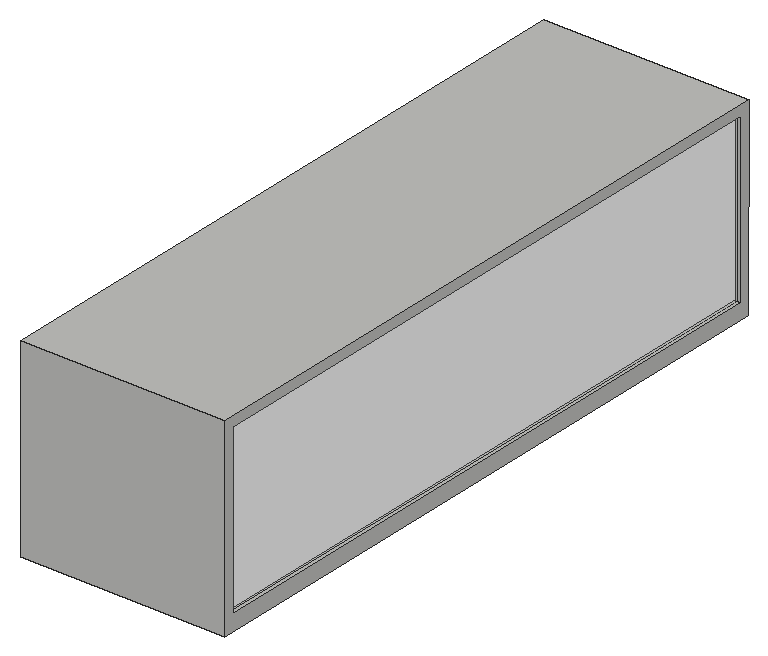
Revit family "Storage-Beam_Mounted-Teknion-JNBBLO-Open_Cabinet-R20161", category Furniture, Revit 2016
Family settings
  OmniClass Number = 23.40.20.00
  OmniClass Title = General Furniture and Specialties
  Work Plane-Based = No
  Always vertical = Yes
  Cut with Voids When Loaded = No
  Shared = Yes
  Room Calculation Point = No
Parameters (values of type "Magentic Glass")
  Width [instance] = 48.000"
  Warranty = "http://www.teknion.com/ca/papers/legal-canada"
  Unit Weight URL = "http://www.teknion.com/ca/tools/assets#&asset=bee6a381-b954-425e-8283-5a2de3a804f2,f828d448-4b62-4231-9e5f-9a8991c0ed77"
  URL = "www.teknion.com"
  Sustainability Data = "http://www.teknion.com/ca/tools/assets#&topic=216f99a5-57a0-44fc-b10a-9dee9b29ae4c&asset=444deb64-fe58-4b68-981e-f75e97781df7"
  Single-Sided [instance] = yes
  Shared-Open [instance] = not([Single-Sided])  # no
  Series = "Expansion Cityline"  # constant formula
  Right End Divider Offset [instance] = if([Single-Sided], 0.000", 2.709")  # 0.000"
  Product Page URL = "http://www.teknion.com/ca/products/product-details?productlineid=9ad2a26e-8e7a-673b-a6c8-ff05004460c4"
  Product Line = "Expansion Cityline"  # constant formula
  Product Documentation Link = "http://www.teknion.com/pricing/expansion-cityline/pdfs/JNBBLO_ppg.pdf"
  Part Number = "JNBBLO"  # constant formula
  Orientation Note [instance] = if(Depth = 15.000", "Please choose Single-Sided below. Shared-Open is only available for 18 inch Depth.", "Please choose Shared-Open below. Single-Sided Option is only available for 15 inch Depth.")  # "Please choose Single-Sided below. Shared-Open is only available for 18 inch Depth."
  Available Widths [instance] = "48 to 84 inches in 6 inch increments."  # constant formula
  Available Depths [instance] = if([Single-Sided], "15 inches.", "18 inches.")  # "15 inches."
  No Fascia = no
  Model = "JNBBLOMA13___"
  Manufacturer Phone = "416-661-3370"  # constant formula
  Manufacturer Fax = "416.661.4586"  # constant formula
  Manufacturer Contact Information = "http://www.teknion.com/ca/contactus"
  Manufacturer Address = "1150 Flint Road, Toronto, ON. M3J 2J5. Canada"  # constant formula
  Manufacturer = "Teknion"  # constant formula
  Magnetic Glass - Single Sided [instance] = if(and(Magnetic Glass, [Single-Sided]), 1 < 2, 1 > 2)  # yes
  Magnetic Glass - Shared Open [instance] = if(and(Magnetic Glass, [Shared-Open]), 1 < 2, 1 > 2)  # no
  Magnetic Glass = yes
  Left End Divider Offset [instance] = if([Single-Sided], 0.827", 4.000")  # 0.827"
  Felt Tackboard = no
  Fascia Finish = Back-painted Glass - K7 - Teknion - Very White
  Fabric/Felt - Single-Sided [instance] = if(and(or(Fabric Tackboard, Felt Tackboard), [Single-Sided]), 1 < 2, 1 > 2)  # no
  Fabric/Felt - Shared-Open [instance] = if(and(or(Fabric Tackboard, Felt Tackboard), [Shared-Open]), 1 < 2, 1 > 2)  # no
  Fabric Tackboard = no
  Description = "Beam-Mounted Cabinet - Open, Magnetic Glass, Angled, 13\" Height"
  Depth [instance] = 15.000"
  Case Finish [instance] = Source Laminate - Teknion - RV - Very White
  Back Offset [instance] = if(and([Single-Sided], No Fascia), 0.701", 1.291")  # 1.291"
  Assembly Code = "E2020200"
Types (5): name | No Fascia | Model | Magnetic Glass - Single Sided | Magnetic Glass | Felt Tackboard | Fascia Finish | Fabric/Felt - Single-Sided | Fabric Tackboard | Description | Back Offset
  (no name) | no | "JNBBLOMA13___" | yes | yes | no | Back-painted Glass - K7 - Teknion - Very White | no | no | "Beam-Mounted Cabinet - Open, Magnetic Glass, Angled, 13\" Height" | 1.291"
  Magentic Glass | no | "JNBBLOMA13___" | yes | yes | no | Back-painted Glass - K7 - Teknion - Very White | no | no | "Beam-Mounted Cabinet - Open, Magnetic Glass, Angled, 13\" Height" | 1.291"
  Felt Tackboard | no | "JNBBLOEA13___" | no | no | yes | Fabric-Teknion-RB11-Carbon | yes | no | "Beam-Mounted Cabinet - Open, Felt Tackboard, Angled, 13\" Height" | 1.291"
  No Fascia | yes | "JNBBLONA13___" | no | no | no | Fabric-Teknion-RB11-Carbon | no | no | "Beam-Mounted Cabinet - Open, No Fascia, Angled, 13\" Height" | 0.701"
  Fabric Tackboard | no | "JNBBLOFA13___" | no | no | no | Fabric - Teknion - Heather Tech - R263 - Obsidian tech | yes | yes | "Beam-Mounted Cabinet - Open, Fabric Tackboard, Angled, 13\" Height" | 1.291"
Reference planes (in)
  plane 1 "Center Front/Back": y = 12
  plane 2: z = 0
  plane 3 "Center Left/Right": x = 0
  plane 4 "Left": x = -7.5
  plane 5 "Right": x = 7.5
  plane 6 "Back": y = 36
  plane 7 "Front": y = -12
  plane 8 "Top": z = 42
  plane 9: y = 35.29921
  plane 10: x = 2.79921
  plane 11: x = 3.85433
  plane 12: x = -3.85433
  plane 13: x = -2.79921
  plane 14: y = -11.29921
  plane 15: y = 12.35039
  plane 16: y = 11.64961
  plane 17: z = 27.81102
  plane 18: z = 29
  plane 19: z = 41.29921
  plane 20: x = 3.5
  plane 21: x = -3.5
  plane 22: x = 3.6378
  plane 23: x = -3.6378
  plane 24: x = 6.209
  plane 25: x = 7.04758
  plane 26: x = 6.90979
  plane 27: x = 7.26412
Forms (in)
  Extrusion 1, solid, material "Source Laminate - Teknion - RV - Very White" <- "Case Finish"
    sketch origin (0, 0, 0) x (0, 1, 0) y (0, 0, 1)
      loop
        line (35.29921, 29) -> (35.29921, 41.29921) -> (-11.29921, 41.29921) -> (-11.29921, 29) -> (35.29921, 29)
      loop
        line (36, 27.81102) -> (36, 42) -> (-12, 42) -> (-12, 27.81102) -> (36, 27.81102)
    from -7.5 to 7.5
  Extrusion 2, solid, material "Source Laminate - Teknion - RV - Very White" <- "Case Finish", visible <- "Shared-Open"
    sketch origin (0, 0, 0) x (1, 0, 0) y (0, 1, 0)
      loop
        line (2.79921, 35.29921) -> (2.79921, 12.35039) -> (3.5, 12.35039) -> (3.5, 35.29921) -> (2.79921, 35.29921)
      loop
        line (-3.5, 11.64961) -> (-3.5, -11.29921) -> (-2.79921, -11.29921) -> (-2.79921, 11.64961) -> (-3.5, 11.64961)
    from 29 to 41.29921
  Extrusion 3, solid, material "Paint-Teknion-White", visible <- "Magnetic Glass - Shared Open"
    sketch origin (0, 0, 0) x (0, 1, 0) y (0, 0, 1)
      loop
        line (12.35039, 41.29921) -> (-11.29921, 41.29921) -> (-11.29921, 29) -> (12.35039, 29) -> (12.35039, 41.29921)
    from -3.6378 to -3.5
  Extrusion 4, solid, material "Paint-Teknion-White", visible <- "Magnetic Glass - Shared Open"
    sketch origin (3.5, 35.29921, 48) x (0, 1, 0) y (0, 0, 1)
      loop
        line (-23.64961, -6.70079) -> (-23.64961, -19) -> (0, -19) -> (0, -6.70079) -> (-23.64961, -6.70079)
    from 0 to 0.1378
  Extrusion 5, solid, material "Back-painted Glass - K7 - Teknion - Very White" <- "Fascia Finish", visible <- "Magnetic Glass - Shared Open"
    sketch origin (3.6378, 35.10236, 48) x (0, -1, 0) y (0, 0, 1)
      loop
        line (23.45276, -6.70079) -> (-0.19685, -6.70079) -> (-0.19685, -19) -> (23.45276, -19) -> (23.45276, -6.70079)
    from 0 to -0.21654
  Extrusion 6, solid, material "Back-painted Glass - K7 - Teknion - Very White" <- "Fascia Finish", visible <- "Magnetic Glass - Shared Open"
    sketch origin (-3.6378, 0.15354, 48) x (0, 1, 0) y (0, 0, 1)
      loop
        line (12.19685, -19) -> (12.19685, -6.70079) -> (-11.45276, -6.70079) -> (-11.45276, -19) -> (12.19685, -19)
    from 0 to -0.21654
  Extrusion 7, solid, material "Source Laminate - Teknion - RV - Very White" <- "Case Finish"
    sketch origin (0, 0, 0) x (1, 0, 0) y (0, 1, 0)
      loop
        line (-6.673, 12.35039) -> (-6.673, 11.64961) -> (6.209, 11.64961) -> (6.209, 12.35039) -> (-6.673, 12.35039)
    from 29 to 41.29921
  Extrusion 8, solid, material "Source Laminate - Teknion - RV - Very White" <- "Case Finish", visible <- "Single-Sided"
    sketch origin (0, 0, 0) x (1, 0, 0) y (0, 1, 0)
      loop
        line (6.209, 35.29921) -> (6.209, -11.29921) -> (6.90979, -11.29921) -> (6.90979, 35.29921) -> (6.209, 35.29921)
    from 29 to 41.29921
  Extrusion 9, solid, material "Paint-Teknion-White", visible <- "Magnetic Glass - Single Sided"
    sketch origin (0, 0, 0) x (1, 0, 0) y (0, 1, 0)
      loop
        line (7.04758, -11.29921) -> (7.04758, 35.29921) -> (6.90979, 35.29921) -> (6.90979, -11.29921) -> (7.04758, -11.29921)
    from 29 to 41.29921
  Extrusion 10, solid, material "Back-painted Glass - K7 - Teknion - Very White" <- "Fascia Finish", visible <- "Magnetic Glass - Single Sided"
    sketch origin (0, 0, 0) x (1, 0, 0) y (0, 1, 0)
      loop
        line (7.26412, 35.29921) -> (7.04758, 35.29921) -> (7.04758, -11.29921) -> (7.26412, -11.29921) -> (7.26412, 35.29921)
    from 29 to 41.29921
  Sweep 11, solid, material "Back-painted Glass - K7 - Teknion - Very White" <- "Fascia Finish", visible <- "Fabric/Felt - Single-Sided"
    path origin (0, 0, 0) x (1, 0, 0) y (0, 1, 0)
      loop
        line (6.90979, 35.29921) -> (7.461, 35.29921)
    profile origin (7.18539, 35.29921, 0) x (0, 1, 0) y (0, 0, 1)
      loop
        line (-46.59843, 41.29921) -> (-46.59843, 29) -> (0, 29) -> (0, 41.29921) -> (-46.59843, 41.29921)
  Sweep 12, solid, material "Back-painted Glass - K7 - Teknion - Very White" <- "Fascia Finish", visible <- "Fabric/Felt - Shared-Open"
    path origin (-3.6378, 0.15354, 48) x (0, 1, 0) y (0, 0, 1)
      loop
        line (-11.45276, -19) -> (-11.45276, -6.70079)
    profile origin (-3.6378, -11.29921, 35.14961) x (0, -1, 0) y (1, 0, 0)
      loop
        line (-23.64961, 0.1378) -> (-23.64961, -0.41339) -> (0, -0.41339) -> (0, 0.1378) -> (-23.64961, 0.1378)
  Sweep 13, solid, material "Back-painted Glass - K7 - Teknion - Very White" <- "Fascia Finish", visible <- "Fabric/Felt - Shared-Open"
    path origin (5.41339, 41.10236, 48) x (0, 1, 0) y (0, 0, 1)
      loop
        line (-29.45276, -19) -> (-29.45276, -6.70079)
    profile origin (5.41339, 11.64961, 35.14961) x (0, -1, 0) y (1, 0, 0)
      loop
        line (-23.64961, -1.3622) -> (-23.64961, -1.91339) -> (0, -1.91339) -> (0, -1.3622) -> (-23.64961, -1.3622)
Lines and regions (in)
  Masking region 1
    outline origin (0, 0, 0) x (1, 0, 0) y (0, 1, 0)
      loop
        line (-7.5, 36) -> (-7.5, -12) -> (7.5, -12) -> (7.5, 36) -> (-7.5, 36)
  symbolic lines, style "FurnitureHiddenLines", detail levels medium+fine
    curve 1: line (-7.5, 35.29921, 0) -> (7.5, 35.29921, 0)
    curve 2: line (7.5, -11.29921, 0) -> (-7.5, -11.29921, 0)
    curve 19: line (6.209, 12.35039, 0) -> (-6.673, 12.35039, 0)
    curve 20: line (-6.673, 11.64961, 0) -> (6.209, 11.64961, 0)
    curve 21: line (6.209, 11.64961, 0) -> (6.209, 12.35039, 0)
  symbolic lines, style "FurnitureHiddenLines", visible <- "Shared-Open", detail levels medium+fine
    curve 3: line (2.79921, 35.29921, 0) -> (2.79921, 12.35039, 0)
    curve 5: line (-2.79921, -11.29921, 0) -> (-2.79921, 11.64961, 0)
    curve 9: line (-6.673, 11.64961, 0) -> (-6.673, 12.35039, 0)
  symbolic lines, style "FurnitureHiddenLines", visible <- "Magnetic Glass - Shared Open", detail levels medium+fine
    curve 4: line (3.85433, 11.64961, 0) -> (3.85433, 35.29921, 0)
    curve 6: line (-3.85433, 12.35039, 0) -> (-3.85433, -11.29921, 0)
    curve 13: line (-3.6378, 12.35039, 0) -> (-3.85433, 12.35039, 0)
    curve 14: line (-6.673, 12.35039, 0) -> (-3.6378, 12.35039, 0)
    curve 15: line (3.5, 11.64961, 0) -> (3.6378, 11.64961, 0)
    curve 16: line (3.6378, 11.64961, 0) -> (3.85433, 11.64961, 0)
  symbolic lines, style "FurnitureHiddenLines", visible <- "Magnetic Glass - Shared Open", detail levels fine
    curve 7: line (3.6378, 35.29921, 0) -> (3.6378, 11.64961, 0)
    curve 10: line (-3.6378, -11.29921, 0) -> (-3.6378, 12.35039, 0)
  symbolic lines, style "FurnitureHiddenLines", visible <- "Shared-Open", detail levels fine
    curve 8: line (3.5, 35.29921, 0) -> (3.5, 11.64961, 0)
    curve 27: line (-3.5, -11.29921, 0) -> (-3.5, 12.35039, 0)
  symbolic lines, style "FurnitureHiddenLines", visible <- "Single-Sided", detail levels medium+fine
    curve 11: line (6.209, 35.29921, 0) -> (6.209, -11.29921, 0)
    curve 12: line (6.90979, 35.29921, 0) -> (6.90979, -11.29921, 0)
    curve 29: line (-6.673, 12.35039, 0) -> (-6.673, 11.64961, 0)
  symbolic lines, style "FurnitureHiddenLines", visible <- "Magnetic Glass - Single Sided", detail levels fine
    curve 17: line (7.04758, 35.29921, 0) -> (7.04758, -11.29921, 0)
    curve 18: line (7.26412, -11.29921, 0) -> (7.26412, 35.29921, 0)
  reference lines, not visible
    curve 22: line (-7.5, 36, 0) -> (-7.5, -12, 0)
    curve 23: line (7.5, 36, 0) -> (7.5, -12, 0)
    curve 24: line (-7.5, 36, 0) -> (7.5, 36, 0)
    curve 25: line (-7.5, -12, 0) -> (7.5, -12, 0)
  symbolic lines, style "FurnitureHiddenLines", visible <- "Fabric/Felt - Shared-Open", detail levels medium+fine
    curve 26: line (-4.05118, 12.35039, 0) -> (-4.05118, -11.29921, 0)
    curve 28: line (4.05118, 11.64961, 0) -> (4.05118, 35.29921, 0)
    curve 30: line (-4.05118, 12.35039, 0) -> (-3.5, 12.35039, 0)
    curve 31: line (3.5, 11.64961, 0) -> (4.05118, 11.64961, 0)
  symbolic lines, style "FurnitureHiddenLines", visible <- "Fabric/Felt - Single-Sided", detail levels medium+fine
    curve 32: line (7.461, -11.29921, 0) -> (7.461, 35.29921, 0)
Dimensions and locks (in)
  "Depth": plane 4 "Left" to plane 5 "Right"
  "Width": plane 6 "Back" to plane 7 "Front"
  plane 8 "Top" to level = 42.000"
  equal spacing: plane 6 "Back", plane 1 "Center Front/Back", plane 7 "Front"
  equal spacing: plane 4 "Left", plane 3 "Center Left/Right", plane 5 "Right"
  plane 15 to plane 1 "Center Front/Back" to plane 16 = 0.35039" locked, 0.35039" locked
  plane 10 to plane 11 to plane 5 "Right" = 1.05512" locked, 3.64567" locked
  locked: plane 6 "Back" to plane 9 at 0.70079
  plane 4 "Left" to plane 12 to plane 13 = 3.64567" locked, 1.05512" locked
  locked: plane 7 "Front" to plane 14 at 0.70079
  locked: plane 8 "Top" to plane 17 at 14.18898
  locked: plane 20 to plane 11 at 0.35433
  locked: plane 12 to plane 21 at 0.35433
  locked: plane 22 to plane 11 at 0.21654
  locked: plane 23 to plane 21 at 0.1378
  plane 24 to plane 26 to plane 25 to plane 27 = 0.70079" locked, 0.1378" locked, 0.21654" locked
  "Left End Divider Offset": plane 4 "Left" to Extrusion 7 sketch curve
  "Right End Divider Offset": Extrusion 7 sketch curve to plane 24
  locked: Sweep 12 sketch curve to plane 21 at 0.55118
  locked: plane 20 to Sweep 13 sketch curve at 0.55118
  "Back Offset": plane 24 to plane 5 "Right"
  locked: plane 26 to Sweep 11 sketch curve at 0.55121
  locked: curve 29 to plane 16 at 0.70079
  locked: curve 30 to Sweep 12
  aligned and locked: level to plane 2
  aligned and locked: plane 9 to Extrusion 1 sketch curve
  aligned and locked: plane 6 "Back" to Extrusion 1 sketch curve
  aligned and locked: plane 8 "Top" to Extrusion 1 sketch curve
  aligned and locked: plane 19 to Extrusion 1 sketch curve
  aligned and locked: Extrusion 1 sketch curve to plane 7 "Front"
  aligned and locked: plane 14 to Extrusion 1 sketch curve
  aligned and locked: plane 18 to Extrusion 1 sketch curve
  aligned and locked: plane 17 to Extrusion 1 sketch curve
  aligned and locked: Extrusion 1 to plane 4 "Left"
  aligned and locked: Extrusion 1 to plane 5 "Right"
  aligned and locked: Extrusion 2 sketch curve to plane 10
  aligned and locked: Extrusion 2 sketch curve to plane 9
  aligned and locked: Extrusion 2 sketch curve to plane 20
  aligned and locked: Extrusion 2 sketch curve to plane 15
  aligned and locked: Extrusion 2 sketch curve to plane 16
  aligned and locked: Extrusion 2 sketch curve to plane 21
  aligned and locked: Extrusion 2 sketch curve to plane 13
  aligned and locked: Extrusion 2 sketch curve to plane 14
  aligned and locked: plane 19 to Extrusion 2
  aligned and locked: Extrusion 2 to plane 18
  aligned and locked: plane 19 to Extrusion 3 sketch curve
  aligned and locked: plane 14 to Extrusion 3 sketch curve
  aligned and locked: plane 18 to Extrusion 3 sketch curve
  aligned and locked: plane 15 to Extrusion 3 sketch curve
  aligned and locked: Extrusion 3 to plane 23
  aligned and locked: plane 21 to Extrusion 3
  aligned and locked: Extrusion 4 sketch curve to plane 16
  aligned and locked: Extrusion 4 sketch curve to plane 18
  aligned and locked: Extrusion 4 sketch curve to plane 9
  aligned and locked: Extrusion 4 sketch curve to plane 19
  aligned and locked: Extrusion 4 to plane 20
  aligned and locked: Extrusion 4 to plane 22
  aligned and locked: plane 16 to Extrusion 5 sketch curve
  aligned and locked: plane 9 to Extrusion 5 sketch curve
  aligned and locked: plane 18 to Extrusion 5 sketch curve
  aligned and locked: plane 19 to Extrusion 5 sketch curve
  aligned and locked: plane 22 to Extrusion 5
  aligned and locked: plane 11 to Extrusion 5
  aligned and locked: plane 15 to Extrusion 6 sketch curve
  aligned and locked: plane 14 to Extrusion 6 sketch curve
  aligned and locked: plane 18 to Extrusion 6 sketch curve
  aligned and locked: plane 19 to Extrusion 6 sketch curve
  aligned and locked: plane 23 to Extrusion 6
  aligned and locked: Extrusion 6 to plane 12
  aligned and locked: Extrusion 6 to plane 23
  aligned and locked: Masking region 1 sketch curve to plane 6 "Back"
  aligned and locked: Masking region 1 sketch curve to plane 4 "Left"
  aligned and locked: plane 5 "Right" to Masking region 1 sketch curve
  aligned and locked: plane 7 "Front" to Masking region 1 sketch curve
  aligned and locked: curve 6 to Extrusion 6
  aligned and locked: curve 10 to Extrusion 6
  aligned and locked: Extrusion 7 sketch curve to plane 15
  aligned and locked: Extrusion 7 sketch curve to plane 16
  aligned and locked: Extrusion 8 sketch curve to plane 24
  aligned and locked: Extrusion 8 sketch curve to plane 26
  aligned and locked: Extrusion 8 sketch curve to plane 9
  aligned and locked: Extrusion 8 sketch curve to plane 14
  aligned and locked: Extrusion 9 sketch curve to plane 25
  aligned and locked: Extrusion 9 sketch curve to plane 9
  aligned and locked: Extrusion 9 sketch curve to plane 26
  aligned and locked: Extrusion 9 sketch curve to plane 14
  aligned and locked: Extrusion 10 sketch curve to plane 9
  aligned and locked: Extrusion 10 sketch curve to plane 25
  aligned and locked: Extrusion 10 sketch curve to plane 14
  aligned and locked: plane 19 to Extrusion 9
  aligned and locked: Extrusion 9 to plane 18
  aligned and locked: plane 19 to Extrusion 8
  aligned and locked: Extrusion 8 to plane 18
  aligned and locked: Extrusion 10 to plane 27
  aligned and locked: plane 25 to Extrusion 10
  aligned and locked: plane 26 to Extrusion 9
  aligned and locked: Extrusion 10 to plane 18
  aligned and locked: plane 18 to Extrusion 8
  aligned and locked: plane 18 to Extrusion 9
  aligned and locked: plane 18 to Extrusion 10
  aligned and locked: plane 19 to Extrusion 10
  aligned and locked: Extrusion 7 to plane 18
  aligned and locked: plane 19 to Extrusion 7
  aligned and locked: curve 13 to Extrusion 6
  aligned and locked: curve 15 to Extrusion 4
  aligned and locked: curve 16 to Extrusion 5
  aligned and locked: curve 17 to Extrusion 10
  aligned and locked: curve 18 to Extrusion 10
  aligned and locked: curve 19 to Extrusion 7
  aligned and locked: curve 21 to Extrusion 7
  aligned and locked: curve 22 to plane 4 "Left"
  aligned and locked: plane 5 "Right" to curve 23
  aligned and locked: curve 24 to plane 6 "Back"
  aligned and locked: plane 7 "Front" to curve 25
  aligned and locked: Sweep 11 sketch curve to plane 9
  aligned and locked: Sweep 11 sketch curve to plane 19
  aligned and locked: Sweep 11 sketch curve to plane 14
  aligned and locked: plane 18 to Sweep 11 sketch curve
  aligned and locked: plane 19 to Sweep 12 sketch curve
  aligned and locked: plane 18 to Sweep 12 sketch curve
  aligned and locked: plane 21 to Sweep 12 sketch curve
  aligned and locked: plane 15 to Sweep 12 sketch curve
  aligned and locked: plane 14 to Sweep 12 sketch curve
  aligned and locked: Sweep 13 sketch curve to plane 20
  aligned and locked: Sweep 13 sketch curve to plane 16
  aligned and locked: plane 9 to Sweep 13 sketch curve
  aligned and locked: plane 19 to Sweep 13 sketch curve
  aligned and locked: plane 18 to Sweep 13 sketch curve
  aligned and locked: plane 26 to Sweep 11 sketch curve
  aligned and locked: curve 27 to Sweep 12
  aligned and locked: curve 28 to Sweep 13
  aligned and locked: curve 29 to Extrusion 7
  aligned and locked: plane 16 to curve 29
  aligned and locked: Sweep 12 to curve 30
  aligned and locked: curve 32 to Sweep 11
  aligned and locked: plane 9 to curve 32
  aligned and locked: plane 14 to curve 32
Automatic sketch dimensions
  Extrusion 10 sketch curve to plane 27 = 0.000"
  Sweep 12 sketch curve to plane 14 = 0.000"
  Sweep 13 sketch curve to plane 16 = 0.000"
  curve 2 to plane 4 "Left" = 0.000"
  curve 1 to plane 4 "Left" = 0.000"
  curve 30 to plane 15 = 0.000"
  curve 5 to plane 13 = 0.000"
  curve 3 to plane 10 = 0.000"
  curve 8 to plane 20 = 0.000"
  curve 15 to plane 22 = 0.000"
  curve 4 to plane 11 = 0.000"
  curve 11 to plane 24 = 0.000"
  curve 12 to plane 26 = 0.000"
  curve 1 to plane 5 "Right" = 0.000"
  curve 2 to plane 5 "Right" = 0.000"
  Sweep 11 sketch curve to plane 9 = 0.000"
